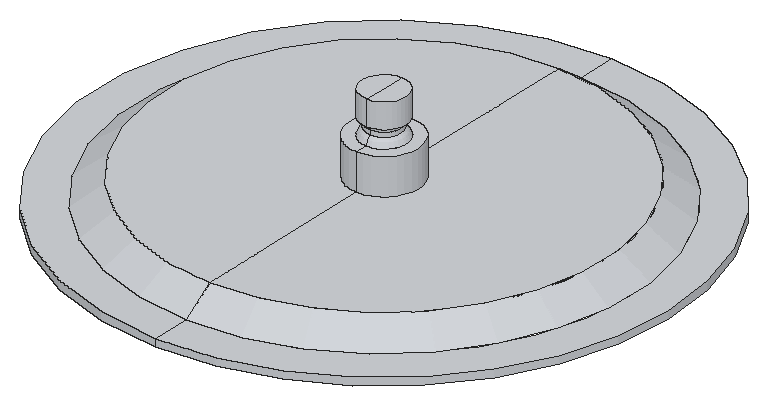
Revit family "BRG-GRF-DCH_ BRIGGS REG. RED. SLIM ABS CROMO 30 CM", category Aparatos sanitarios, Revit 2020
Family settings
  Cota de conector redondo = Diámetro de uso
  Tipo de pieza = Normal
  Número OmniClass = 23.45.00.00
  Título OmniClass = Sanitary, Laundry, and Cleaning Equipment
  Se basa en plano de trabajo = No
  Siempre vertical = Sí
  Corte con vacíos al cargar = No
  Compartido = Sí
  Punto de cálculo de habitación = Sí
Parameters (values of type "REGADERA REDONDA SLIM ABS 30 CM")
  _EDESA_ Sku/código = "SG0072673061CW"
  _EDESA_ Materiales = "Latón"
  _EDESA_ Garantía = "De por vida para el cuerpo principal y acabado en cromo (306)"
  _EDESA_ Cumple normativa ADA = ""
  _EDESA_ Contacto comercial = "(02) 395 2900"
  _EDESA_ Conexión hidráulica = "Entrada de agua: tubería ø 1/2\""
  _EDESA_ Certificación = "Cumple con norma NTE - INEN 3123 basada en la norma ASME 112.18.1 - 2012."
  _EDESA_ Productos necesarios para instalación = "Brazo de ducha"
  _EDESA_ Productos incluídos = ""
  _EDESA_ Color = "cromo"
  _EDESA_ Descripción = "Regadera de ducha."
  _EDESA_ Peso en kg = "1.8 kg"
  _EDESA_ Consumo/capacidad de agua en L = "9.5 litros por minuto / 2.5 gpm"
  _EDESA_ Distancia de instalación en cm (muro terminado) = "0"
  _EDESA_ Tipo de instalación = "Con brazo de ducha"
  _EDESA_ Profundidad en cm = "30"
  _EDESA_ Categoría = "Productos > Grifería > Ducha"
  _EDESA_ BIM Manager = "Arq. Milton Ruano"
  _EDESA_ Autor BIM = "www.bimplus.com.ec (bimplus.arquitectura.integrada@gmail.com)"
  _EDESA_ Ancho en cm = "30"
  _EDESA_ Alto en cm = "5.9"
  _EDESA_ Manual de Instalación = "https://www.briggs.com.ec/productos/instructivos/Briggs/Griferia/Regadera con brazo.pdf"
  _EDESA_ Nombre = "REGADERA REDONDA SLIM ABS 30 CM"
  _ALT_Eje instalación = 0.60 m
  _ALT_Basamento = 0.85 m
  URL = ""
  Modelo = "REGADERA REDONDA SLIM ABS 30 CM"
  Imagen de tipo = <Ninguno>
  Fabricante = "BRIGGS Ecuador"
  Elevación por defecto = 0.00 m
  Conexión de ventilación = yes
  Conexión de residuos = yes
  Conexión AF = yes
  Conexión AC = yes
Reference planes (m)
  plane 1 "Centro (Frontal/Posterior)": y = 0
  plane 2: z = 0
  plane 3 "Centro (Izquierda/Derecha)": x = 0
Dimensions and locks (m)
  aligned and locked: level to plane 2
  aligned and locked: plane 3 "Centro (Izquierda/Derecha)" to nested 1
  aligned and locked: plane 1 "Centro (Frontal/Posterior)" to nested 1
Nested families (m)
  nested 1: "REJILLA" at (0, 0, 0), type "REJILLA"
Connectors (m)
  piping at (0, 0, 0), diameter 0.0127
    settings: on nested 1, index 1, connector inside diameter 609.6 mm, connector length 0.00 m, flow factor 0, pipe flow 0.0 L/s, pressure drop 0.0 Pa, fitting loss kfactor 0, connector angle 0.00°, fixture units 0, engagement length 0.00 m, angle of deflection 0.00°, flow configuration 0, flow direction 1, fitting loss method 0, system type 7, joint type 0, gender type 0, connector reference index -1, connector utility 0, adjustable connector no, is connector primary yes, connector description ""
Definition of nested family "REJILLA"
  Parameters (values of type "REJILLA DE DISEÑO 60 X 8 CM CON TRAMPA")
    _EDESA_tipo genérico = "Inodoro"
    _EDESA_URL de ficha técnica = "https://edesa.com.ec/productos/fichastecnicaspdf/Edesa/Sanitarios/Andes.pdf"
    _EDESA_Imagen = 0
    _EDESA_Fábrica nacional = "EDESA Ecuador"
    _EDESA_Código de producto = "JS0022641301CE"
    _EDESA_ Tolerancia dimensional = "± 3% > 20 cm ± 5% < 20 cm"
    _EDESA_ Tipo de montaje / instalación = "30.5 cm"
    _EDESA_ Superficie del agua = "15.5 cm x 18.8 cm"
    _EDESA_ SKU = "JS0022641301CE"
    _EDESA_ Material secundario = "Plástico blanco"
    _EDESA_ Material principal = "Porcelana tono verde mist"
    _EDESA_ Altura = 72.80 m
    _EDESA_ Peso = "23.20 Kg"
    _EDESA_ Nivel mínimo del agua del tanque = "17.5 cm"
    _EDESA_ Largo = 67.50 m
    _EDESA_ Espesor mínimo = "0.6 cm"
    _EDESA_ Diámetro trampa = "4.8 cm"
    _EDESA_ Color = "Blanco"
    _EDESA_ Categoria = "Two pieces"
    _EDESA_ Capacidad / consumo de agua = "4.8 litros"
    _EDESA_ Ancho = 36.50 m
    _EDESA_ Altura de sello = "N/A"
    _ALT_Toma = 0.60 m
    _ALT_Meson = 0.85 m
    URL = "https://edesa.com.ec/productos/fichastecnicaspdf/Edesa/Sanitarios/Andes.pdf"
    Model = "_Edesa_ INODORO ANDES C/A BLANCO"
    Type Image = element 389295
    Manufacturer = "EDESA Ecuador"
    Default Elevation = 0.00 m
    Vent Connection = no
    Waste Connection = no
    CW Connection = no
    HW Connection = no
  Reference planes (m)
    plane 1 "Centro (Frontal/Posterior)": y = 0
    plane 2: z = 0
    plane 3 "Centro (Izquierda/Derecha)": x = 0
    plane 4 "_Alt_Altura de Meson": z = 0.85
    plane 5 "Centro I/E": z = 0.946565
    plane 6 "_RP_Eje": z = 0.6
  Forms (m)
    Revolve 1, solid
      sketch origin (0, 0, 0) x (0, 1, 0) y (0, 0, 1)
        loop
          line (0, -0.056) -> (0.15, -0.056) -> (0.15, -0.052) -> (0.13, -0.052) -> (0.115, -0.041) -> (0.018, -0.041) -> (0.018, -0.022) -> (0.011662, -0.022)
          arc (0.011662, -0.022) -> (0.01054, -0.01978) -> (0.009, -0.017825) r 0.0125
          line (0.009, -0.017825) -> (0.009, -0.0155)
          arc (0.009, -0.0155) -> (0.009732, -0.013732) -> (0.0115, -0.013) r 0.0025
          line (0.0115, -0.013) -> (0.0115, 0) -> (0, 0) -> (0, -0.056)
        axis (0, -0.056) -> (0, 0)
      angle from 0 to 360
    SweptBlend 2, solid
      path origin (0, 0.037116, 0) x (0, 1, 0) y (0, 0, 1)
        loop
          line (-0.110116, -0.059) -> (-0.110116, -0.056)
      profile origin (0, -0.073, -0.059) x (0, -1, 0) y (1, 0, 0)
        loop
          circle (0, 0) r 0.0015
      end profile origin (0, -0.073, -0.056) x (0, -1, 0) y (1, 0, 0)
        loop
          circle (0, 0) r 0.003
    SweptBlend 3, solid
      path origin (0, 0.017116, 0) x (0, 1, 0) y (0, 0, 1)
        loop
          line (-0.110116, -0.059) -> (-0.110116, -0.056)
      profile origin (0, -0.093, -0.059) x (0, -1, 0) y (1, 0, 0)
        loop
          circle (0, 0) r 0.0015
      end profile origin (0, -0.093, -0.056) x (0, -1, 0) y (1, 0, 0)
        loop
          circle (0, 0) r 0.003
    SweptBlend 4, solid
      path origin (0, -0.003884, 0) x (0, 1, 0) y (0, 0, 1)
        loop
          line (-0.110116, -0.059) -> (-0.110116, -0.056)
      profile origin (0, -0.114, -0.059) x (0, -1, 0) y (1, 0, 0)
        loop
          circle (0, 0) r 0.0015
      end profile origin (0, -0.114, -0.056) x (0, -1, 0) y (1, 0, 0)
        loop
          circle (0, 0) r 0.003
    SweptBlend 5, solid
      path origin (0, 0.058116, 0) x (0, 1, 0) y (0, 0, 1)
        loop
          line (-0.110116, -0.059) -> (-0.110116, -0.056)
      profile origin (0, -0.052, -0.059) x (0, -1, 0) y (1, 0, 0)
        loop
          circle (0, 0) r 0.0015
      end profile origin (0, -0.052, -0.056) x (0, -1, 0) y (1, 0, 0)
        loop
          circle (0, 0) r 0.003
    SweptBlend 6, solid
      path origin (0, 0.078116, 0) x (0, 1, 0) y (0, 0, 1)
        loop
          line (-0.110116, -0.059) -> (-0.110116, -0.056)
      profile origin (0, -0.032, -0.059) x (0, -1, 0) y (1, 0, 0)
        loop
          circle (0, 0) r 0.0015
      end profile origin (0, -0.032, -0.056) x (0, -1, 0) y (1, 0, 0)
        loop
          circle (0, 0) r 0.003
    SweptBlend 7, solid
      path origin (0, 0.097116, 0) x (0, 1, 0) y (0, 0, 1)
        loop
          line (-0.110116, -0.059) -> (-0.110116, -0.056)
      profile origin (0, -0.013, -0.059) x (0, -1, 0) y (1, 0, 0)
        loop
          circle (0, 0) r 0.0015
      end profile origin (0, -0.013, -0.056) x (0, -1, 0) y (1, 0, 0)
        loop
          circle (0, 0) r 0.003
    SweptBlend 8, solid
      path origin (-0.097116, 0, 0) x (-1, 0, 0) y (0, 0, 1)
        loop
          line (-0.110116, -0.059) -> (-0.110116, -0.056)
      profile origin (0.013, 0, -0.059) x (1, 0, 0) y (0, 1, 0)
        loop
          circle (0, 0) r 0.0015
      end profile origin (0.013, 0, -0.056) x (1, 0, 0) y (0, 1, 0)
        loop
          circle (0, 0) r 0.003
    SweptBlend 9, solid
      path origin (0.097116, 0, 0) x (1, 0, 0) y (0, 0, 1)
        loop
          line (-0.110116, -0.059) -> (-0.110116, -0.056)
      profile origin (-0.013, 0, -0.059) x (-1, 0, 0) y (0, -1, 0)
        loop
          circle (0, 0) r 0.0015
      end profile origin (-0.013, 0, -0.056) x (-1, 0, 0) y (0, -1, 0)
        loop
          circle (0, 0) r 0.003
    SweptBlend 10, solid
      path origin (0, -0.097116, 0) x (0, -1, 0) y (0, 0, 1)
        loop
          line (-0.110116, -0.059) -> (-0.110116, -0.056)
      profile origin (0, 0.013, -0.059) x (0, 1, 0) y (-1, 0, 0)
        loop
          circle (0, 0) r 0.0015
      end profile origin (0, 0.013, -0.056) x (0, 1, 0) y (-1, 0, 0)
        loop
          circle (0, 0) r 0.003
    SweptBlend 11, solid
      path origin (-0.039058, 0.06765, 0) x (-0.5, 0.866025, 0) y (0, 0, 1)
        loop
          line (-0.110116, -0.059) -> (-0.110116, -0.056)
      profile origin (0.016, -0.027713, -0.059) x (0.5, -0.866025, 0) y (0.866025, 0.5, 0)
        loop
          circle (0, 0) r 0.0015
      end profile origin (0.016, -0.027713, -0.056) x (0.5, -0.866025, 0) y (0.866025, 0.5, 0)
        loop
          circle (0, 0) r 0.003
    SweptBlend 12, solid
      path origin (0.039058, 0.06765, 0) x (0.5, 0.866025, 0) y (0, 0, 1)
        loop
          line (-0.110116, -0.059) -> (-0.110116, -0.056)
      profile origin (-0.016, -0.027713, -0.059) x (-0.5, -0.866025, 0) y (0.866025, -0.5, 0)
        loop
          circle (0, 0) r 0.0015
      end profile origin (-0.016, -0.027713, -0.056) x (-0.5, -0.866025, 0) y (0.866025, -0.5, 0)
        loop
          circle (0, 0) r 0.003
    SweptBlend 13, solid
      path origin (0.06765, 0.039058, 0) x (0.866025, 0.5, 0) y (0, 0, 1)
        loop
          line (-0.110116, -0.059) -> (-0.110116, -0.056)
      profile origin (-0.027713, -0.016, -0.059) x (-0.866025, -0.5, 0) y (0.5, -0.866025, 0)
        loop
          circle (0, 0) r 0.0015
      end profile origin (-0.027713, -0.016, -0.056) x (-0.866025, -0.5, 0) y (0.5, -0.866025, 0)
        loop
          circle (0, 0) r 0.003
    SweptBlend 14, solid
      path origin (0.078116, 0, 0) x (1, 0, 0) y (0, 0, 1)
        loop
          line (-0.110116, -0.059) -> (-0.110116, -0.056)
      profile origin (-0.032, 0, -0.059) x (-1, 0, 0) y (0, -1, 0)
        loop
          circle (0, 0) r 0.0015
      end profile origin (-0.032, 0, -0.056) x (-1, 0, 0) y (0, -1, 0)
        loop
          circle (0, 0) r 0.003
    SweptBlend 15, solid
      path origin (0.06765, -0.039058, 0) x (0.866025, -0.5, 0) y (0, 0, 1)
        loop
          line (-0.110116, -0.059) -> (-0.110116, -0.056)
      profile origin (-0.027713, 0.016, -0.059) x (-0.866025, 0.5, 0) y (-0.5, -0.866025, 0)
        loop
          circle (0, 0) r 0.0015
      end profile origin (-0.027713, 0.016, -0.056) x (-0.866025, 0.5, 0) y (-0.5, -0.866025, 0)
        loop
          circle (0, 0) r 0.003
    SweptBlend 16, solid
      path origin (0.039058, -0.06765, 0) x (0.5, -0.866025, 0) y (0, 0, 1)
        loop
          line (-0.110116, -0.059) -> (-0.110116, -0.056)
      profile origin (-0.016, 0.027713, -0.059) x (-0.5, 0.866025, 0) y (-0.866025, -0.5, 0)
        loop
          circle (0, 0) r 0.0015
      end profile origin (-0.016, 0.027713, -0.056) x (-0.5, 0.866025, 0) y (-0.866025, -0.5, 0)
        loop
          circle (0, 0) r 0.003
    SweptBlend 17, solid
      path origin (0, -0.078116, 0) x (0, -1, 0) y (0, 0, 1)
        loop
          line (-0.110116, -0.059) -> (-0.110116, -0.056)
      profile origin (0, 0.032, -0.059) x (0, 1, 0) y (-1, 0, 0)
        loop
          circle (0, 0) r 0.0015
      end profile origin (0, 0.032, -0.056) x (0, 1, 0) y (-1, 0, 0)
        loop
          circle (0, 0) r 0.003
    SweptBlend 18, solid
      path origin (-0.039058, -0.06765, 0) x (-0.5, -0.866025, 0) y (0, 0, 1)
        loop
          line (-0.110116, -0.059) -> (-0.110116, -0.056)
      profile origin (0.016, 0.027713, -0.059) x (0.5, 0.866025, 0) y (-0.866025, 0.5, 0)
        loop
          circle (0, 0) r 0.0015
      end profile origin (0.016, 0.027713, -0.056) x (0.5, 0.866025, 0) y (-0.866025, 0.5, 0)
        loop
          circle (0, 0) r 0.003
    SweptBlend 19, solid
      path origin (-0.06765, -0.039058, 0) x (-0.866025, -0.5, 0) y (0, 0, 1)
        loop
          line (-0.110116, -0.059) -> (-0.110116, -0.056)
      profile origin (0.027713, 0.016, -0.059) x (0.866025, 0.5, 0) y (-0.5, 0.866025, 0)
        loop
          circle (0, 0) r 0.0015
      end profile origin (0.027713, 0.016, -0.056) x (0.866025, 0.5, 0) y (-0.5, 0.866025, 0)
        loop
          circle (0, 0) r 0.003
    SweptBlend 20, solid
      path origin (-0.078116, 0, 0) x (-1, 0, 0) y (0, 0, 1)
        loop
          line (-0.110116, -0.059) -> (-0.110116, -0.056)
      profile origin (0.032, 0, -0.059) x (1, 0, 0) y (0, 1, 0)
        loop
          circle (0, 0) r 0.0015
      end profile origin (0.032, 0, -0.056) x (1, 0, 0) y (0, 1, 0)
        loop
          circle (0, 0) r 0.003
    SweptBlend 21, solid
      path origin (-0.06765, 0.039058, 0) x (-0.866025, 0.5, 0) y (0, 0, 1)
        loop
          line (-0.110116, -0.059) -> (-0.110116, -0.056)
      profile origin (0.027713, -0.016, -0.059) x (0.866025, -0.5, 0) y (0.5, 0.866025, 0)
        loop
          circle (0, 0) r 0.0015
      end profile origin (0.027713, -0.016, -0.056) x (0.866025, -0.5, 0) y (0.5, 0.866025, 0)
        loop
          circle (0, 0) r 0.003
    SweptBlend 22, solid
      path origin (-0.02224, 0.053692, 0) x (-0.382683, 0.92388, 0) y (0, 0, 1)
        loop
          line (-0.110116, -0.059) -> (-0.110116, -0.056)
      profile origin (0.0199, -0.048042, -0.059) x (0.382683, -0.92388, 0) y (0.92388, 0.382683, 0)
        loop
          circle (0, 0) r 0.0015
      end profile origin (0.0199, -0.048042, -0.056) x (0.382683, -0.92388, 0) y (0.92388, 0.382683, 0)
        loop
          circle (0, 0) r 0.003
    SweptBlend 23, solid
      path origin (0.02224, 0.053692, 0) x (0.382683, 0.92388, 0) y (0, 0, 1)
        loop
          line (-0.110116, -0.059) -> (-0.110116, -0.056)
      profile origin (-0.0199, -0.048042, -0.059) x (-0.382683, -0.92388, 0) y (0.92388, -0.382683, 0)
        loop
          circle (0, 0) r 0.0015
      end profile origin (-0.0199, -0.048042, -0.056) x (-0.382683, -0.92388, 0) y (0.92388, -0.382683, 0)
        loop
          circle (0, 0) r 0.003
    SweptBlend 24, solid
      path origin (0.041094, 0.041094, 0) x (0.707107, 0.707107, 0) y (0, 0, 1)
        loop
          line (-0.110116, -0.059) -> (-0.110116, -0.056)
      profile origin (-0.03677, -0.03677, -0.059) x (-0.707107, -0.707107, 0) y (0.707107, -0.707107, 0)
        loop
          circle (0, 0) r 0.0015
      end profile origin (-0.03677, -0.03677, -0.056) x (-0.707107, -0.707107, 0) y (0.707107, -0.707107, 0)
        loop
          circle (0, 0) r 0.003
    SweptBlend 25, solid
      path origin (0.053692, 0.02224, 0) x (0.92388, 0.382683, 0) y (0, 0, 1)
        loop
          line (-0.110116, -0.059) -> (-0.110116, -0.056)
      profile origin (-0.048042, -0.0199, -0.059) x (-0.92388, -0.382683, 0) y (0.382683, -0.92388, 0)
        loop
          circle (0, 0) r 0.0015
      end profile origin (-0.048042, -0.0199, -0.056) x (-0.92388, -0.382683, 0) y (0.382683, -0.92388, 0)
        loop
          circle (0, 0) r 0.003
    SweptBlend 26, solid
      path origin (0.058116, 0, 0) x (1, 0, 0) y (0, 0, 1)
        loop
          line (-0.110116, -0.059) -> (-0.110116, -0.056)
      profile origin (-0.052, 0, -0.059) x (-1, 0, 0) y (0, -1, 0)
        loop
          circle (0, 0) r 0.0015
      end profile origin (-0.052, 0, -0.056) x (-1, 0, 0) y (0, -1, 0)
        loop
          circle (0, 0) r 0.003
    SweptBlend 27, solid
      path origin (0.053692, -0.02224, 0) x (0.92388, -0.382683, 0) y (0, 0, 1)
        loop
          line (-0.110116, -0.059) -> (-0.110116, -0.056)
      profile origin (-0.048042, 0.0199, -0.059) x (-0.92388, 0.382683, 0) y (-0.382683, -0.92388, 0)
        loop
          circle (0, 0) r 0.0015
      end profile origin (-0.048042, 0.0199, -0.056) x (-0.92388, 0.382683, 0) y (-0.382683, -0.92388, 0)
        loop
          circle (0, 0) r 0.003
    SweptBlend 28, solid
      path origin (0.041094, -0.041094, 0) x (0.707107, -0.707107, 0) y (0, 0, 1)
        loop
          line (-0.110116, -0.059) -> (-0.110116, -0.056)
      profile origin (-0.03677, 0.03677, -0.059) x (-0.707107, 0.707107, 0) y (-0.707107, -0.707107, 0)
        loop
          circle (0, 0) r 0.0015
      end profile origin (-0.03677, 0.03677, -0.056) x (-0.707107, 0.707107, 0) y (-0.707107, -0.707107, 0)
        loop
          circle (0, 0) r 0.003
    SweptBlend 29, solid
      path origin (0.02224, -0.053692, 0) x (0.382683, -0.92388, 0) y (0, 0, 1)
        loop
          line (-0.110116, -0.059) -> (-0.110116, -0.056)
      profile origin (-0.0199, 0.048042, -0.059) x (-0.382683, 0.92388, 0) y (-0.92388, -0.382683, 0)
        loop
          circle (0, 0) r 0.0015
      end profile origin (-0.0199, 0.048042, -0.056) x (-0.382683, 0.92388, 0) y (-0.92388, -0.382683, 0)
        loop
          circle (0, 0) r 0.003
    SweptBlend 30, solid
      path origin (0, -0.058116, 0) x (0, -1, 0) y (0, 0, 1)
        loop
          line (-0.110116, -0.059) -> (-0.110116, -0.056)
      profile origin (0, 0.052, -0.059) x (0, 1, 0) y (-1, 0, 0)
        loop
          circle (0, 0) r 0.0015
      end profile origin (0, 0.052, -0.056) x (0, 1, 0) y (-1, 0, 0)
        loop
          circle (0, 0) r 0.003
    SweptBlend 31, solid
      path origin (-0.02224, -0.053692, 0) x (-0.382683, -0.92388, 0) y (0, 0, 1)
        loop
          line (-0.110116, -0.059) -> (-0.110116, -0.056)
      profile origin (0.0199, 0.048042, -0.059) x (0.382683, 0.92388, 0) y (-0.92388, 0.382683, 0)
        loop
          circle (0, 0) r 0.0015
      end profile origin (0.0199, 0.048042, -0.056) x (0.382683, 0.92388, 0) y (-0.92388, 0.382683, 0)
        loop
          circle (0, 0) r 0.003
    SweptBlend 32, solid
      path origin (-0.041094, -0.041094, 0) x (-0.707107, -0.707107, 0) y (0, 0, 1)
        loop
          line (-0.110116, -0.059) -> (-0.110116, -0.056)
      profile origin (0.03677, 0.03677, -0.059) x (0.707107, 0.707107, 0) y (-0.707107, 0.707107, 0)
        loop
          circle (0, 0) r 0.0015
      end profile origin (0.03677, 0.03677, -0.056) x (0.707107, 0.707107, 0) y (-0.707107, 0.707107, 0)
        loop
          circle (0, 0) r 0.003
    SweptBlend 33, solid
      path origin (-0.053692, -0.02224, 0) x (-0.92388, -0.382683, 0) y (0, 0, 1)
        loop
          line (-0.110116, -0.059) -> (-0.110116, -0.056)
      profile origin (0.048042, 0.0199, -0.059) x (0.92388, 0.382683, 0) y (-0.382683, 0.92388, 0)
        loop
          circle (0, 0) r 0.0015
      end profile origin (0.048042, 0.0199, -0.056) x (0.92388, 0.382683, 0) y (-0.382683, 0.92388, 0)
        loop
          circle (0, 0) r 0.003
    SweptBlend 34, solid
      path origin (-0.058116, 0, 0) x (-1, 0, 0) y (0, 0, 1)
        loop
          line (-0.110116, -0.059) -> (-0.110116, -0.056)
      profile origin (0.052, 0, -0.059) x (1, 0, 0) y (0, 1, 0)
        loop
          circle (0, 0) r 0.0015
      end profile origin (0.052, 0, -0.056) x (1, 0, 0) y (0, 1, 0)
        loop
          circle (0, 0) r 0.003
    SweptBlend 35, solid
      path origin (-0.053692, 0.02224, 0) x (-0.92388, 0.382683, 0) y (0, 0, 1)
        loop
          line (-0.110116, -0.059) -> (-0.110116, -0.056)
      profile origin (0.048042, -0.0199, -0.059) x (0.92388, -0.382683, 0) y (0.382683, 0.92388, 0)
        loop
          circle (0, 0) r 0.0015
      end profile origin (0.048042, -0.0199, -0.056) x (0.92388, -0.382683, 0) y (0.382683, 0.92388, 0)
        loop
          circle (0, 0) r 0.003
    SweptBlend 36, solid
      path origin (-0.041094, 0.041094, 0) x (-0.707107, 0.707107, 0) y (0, 0, 1)
        loop
          line (-0.110116, -0.059) -> (-0.110116, -0.056)
      profile origin (0.03677, -0.03677, -0.059) x (0.707107, -0.707107, 0) y (0.707107, 0.707107, 0)
        loop
          circle (0, 0) r 0.0015
      end profile origin (0.03677, -0.03677, -0.056) x (0.707107, -0.707107, 0) y (0.707107, 0.707107, 0)
        loop
          circle (0, 0) r 0.003
    SweptBlend 37, solid
      path origin (-0.009606, 0.035851, 0) x (-0.258819, 0.965926, 0) y (0, 0, 1)
        loop
          line (-0.110116, -0.059) -> (-0.110116, -0.056)
      profile origin (0.018894, -0.070513, -0.059) x (0.258819, -0.965926, 0) y (0.965926, 0.258819, 0)
        loop
          circle (0, 0) r 0.0015
      end profile origin (0.018894, -0.070513, -0.056) x (0.258819, -0.965926, 0) y (0.965926, 0.258819, 0)
        loop
          circle (0, 0) r 0.003
    SweptBlend 38, solid
      path origin (0.009606, 0.035851, 0) x (0.258819, 0.965926, 0) y (0, 0, 1)
        loop
          line (-0.110116, -0.059) -> (-0.110116, -0.056)
      profile origin (-0.018894, -0.070513, -0.059) x (-0.258819, -0.965926, 0) y (0.965926, -0.258819, 0)
        loop
          circle (0, 0) r 0.0015
      end profile origin (-0.018894, -0.070513, -0.056) x (-0.258819, -0.965926, 0) y (0.965926, -0.258819, 0)
        loop
          circle (0, 0) r 0.003
    SweptBlend 39, solid
      path origin (0.018558, 0.032143, 0) x (0.5, 0.866025, 0) y (0, 0, 1)
        loop
          line (-0.110116, -0.059) -> (-0.110116, -0.056)
      profile origin (-0.0365, -0.06322, -0.059) x (-0.5, -0.866025, 0) y (0.866025, -0.5, 0)
        loop
          circle (0, 0) r 0.0015
      end profile origin (-0.0365, -0.06322, -0.056) x (-0.5, -0.866025, 0) y (0.866025, -0.5, 0)
        loop
          circle (0, 0) r 0.003
    SweptBlend 40, solid
      path origin (0.026245, 0.026245, 0) x (0.707107, 0.707107, 0) y (0, 0, 1)
        loop
          line (-0.110116, -0.059) -> (-0.110116, -0.056)
      profile origin (-0.051619, -0.051619, -0.059) x (-0.707107, -0.707107, 0) y (0.707107, -0.707107, 0)
        loop
          circle (0, 0) r 0.0015
      end profile origin (-0.051619, -0.051619, -0.056) x (-0.707107, -0.707107, 0) y (0.707107, -0.707107, 0)
        loop
          circle (0, 0) r 0.003
    SweptBlend 41, solid
      path origin (0.032143, 0.018558, 0) x (0.866025, 0.5, 0) y (0, 0, 1)
        loop
          line (-0.110116, -0.059) -> (-0.110116, -0.056)
      profile origin (-0.06322, -0.0365, -0.059) x (-0.866025, -0.5, 0) y (0.5, -0.866025, 0)
        loop
          circle (0, 0) r 0.0015
      end profile origin (-0.06322, -0.0365, -0.056) x (-0.866025, -0.5, 0) y (0.5, -0.866025, 0)
        loop
          circle (0, 0) r 0.003
    SweptBlend 42, solid
      path origin (0.035851, 0.009606, 0) x (0.965926, 0.258819, 0) y (0, 0, 1)
        loop
          line (-0.110116, -0.059) -> (-0.110116, -0.056)
      profile origin (-0.070513, -0.018894, -0.059) x (-0.965926, -0.258819, 0) y (0.258819, -0.965926, 0)
        loop
          circle (0, 0) r 0.0015
      end profile origin (-0.070513, -0.018894, -0.056) x (-0.965926, -0.258819, 0) y (0.258819, -0.965926, 0)
        loop
          circle (0, 0) r 0.003
    SweptBlend 43, solid
      path origin (0.037116, 0, 0) x (1, 0, 0) y (0, 0, 1)
        loop
          line (-0.110116, -0.059) -> (-0.110116, -0.056)
      profile origin (-0.073, 0, -0.059) x (-1, 0, 0) y (0, -1, 0)
        loop
          circle (0, 0) r 0.0015
      end profile origin (-0.073, 0, -0.056) x (-1, 0, 0) y (0, -1, 0)
        loop
          circle (0, 0) r 0.003
    SweptBlend 44, solid
      path origin (0.035851, -0.009606, 0) x (0.965926, -0.258819, 0) y (0, 0, 1)
        loop
          line (-0.110116, -0.059) -> (-0.110116, -0.056)
      profile origin (-0.070513, 0.018894, -0.059) x (-0.965926, 0.258819, 0) y (-0.258819, -0.965926, 0)
        loop
          circle (0, 0) r 0.0015
      end profile origin (-0.070513, 0.018894, -0.056) x (-0.965926, 0.258819, 0) y (-0.258819, -0.965926, 0)
        loop
          circle (0, 0) r 0.003
    SweptBlend 45, solid
      path origin (0.032143, -0.018558, 0) x (0.866025, -0.5, 0) y (0, 0, 1)
        loop
          line (-0.110116, -0.059) -> (-0.110116, -0.056)
      profile origin (-0.06322, 0.0365, -0.059) x (-0.866025, 0.5, 0) y (-0.5, -0.866025, 0)
        loop
          circle (0, 0) r 0.0015
      end profile origin (-0.06322, 0.0365, -0.056) x (-0.866025, 0.5, 0) y (-0.5, -0.866025, 0)
        loop
          circle (0, 0) r 0.003
    SweptBlend 46, solid
      path origin (0.026245, -0.026245, 0) x (0.707107, -0.707107, 0) y (0, 0, 1)
        loop
          line (-0.110116, -0.059) -> (-0.110116, -0.056)
      profile origin (-0.051619, 0.051619, -0.059) x (-0.707107, 0.707107, 0) y (-0.707107, -0.707107, 0)
        loop
          circle (0, 0) r 0.0015
      end profile origin (-0.051619, 0.051619, -0.056) x (-0.707107, 0.707107, 0) y (-0.707107, -0.707107, 0)
        loop
          circle (0, 0) r 0.003
    SweptBlend 47, solid
      path origin (0.018558, -0.032143, 0) x (0.5, -0.866025, 0) y (0, 0, 1)
        loop
          line (-0.110116, -0.059) -> (-0.110116, -0.056)
      profile origin (-0.0365, 0.06322, -0.059) x (-0.5, 0.866025, 0) y (-0.866025, -0.5, 0)
        loop
          circle (0, 0) r 0.0015
      end profile origin (-0.0365, 0.06322, -0.056) x (-0.5, 0.866025, 0) y (-0.866025, -0.5, 0)
        loop
          circle (0, 0) r 0.003
    SweptBlend 48, solid
      path origin (0.009606, -0.035851, 0) x (0.258819, -0.965926, 0) y (0, 0, 1)
        loop
          line (-0.110116, -0.059) -> (-0.110116, -0.056)
      profile origin (-0.018894, 0.070513, -0.059) x (-0.258819, 0.965926, 0) y (-0.965926, -0.258819, 0)
        loop
          circle (0, 0) r 0.0015
      end profile origin (-0.018894, 0.070513, -0.056) x (-0.258819, 0.965926, 0) y (-0.965926, -0.258819, 0)
        loop
          circle (0, 0) r 0.003
    SweptBlend 49, solid
      path origin (0, -0.037116, 0) x (0, -1, 0) y (0, 0, 1)
        loop
          line (-0.110116, -0.059) -> (-0.110116, -0.056)
      profile origin (0, 0.073, -0.059) x (0, 1, 0) y (-1, 0, 0)
        loop
          circle (0, 0) r 0.0015
      end profile origin (0, 0.073, -0.056) x (0, 1, 0) y (-1, 0, 0)
        loop
          circle (0, 0) r 0.003
    SweptBlend 50, solid
      path origin (-0.009606, -0.035851, 0) x (-0.258819, -0.965926, 0) y (0, 0, 1)
        loop
          line (-0.110116, -0.059) -> (-0.110116, -0.056)
      profile origin (0.018894, 0.070513, -0.059) x (0.258819, 0.965926, 0) y (-0.965926, 0.258819, 0)
        loop
          circle (0, 0) r 0.0015
      end profile origin (0.018894, 0.070513, -0.056) x (0.258819, 0.965926, 0) y (-0.965926, 0.258819, 0)
        loop
          circle (0, 0) r 0.003
    SweptBlend 51, solid
      path origin (-0.018558, -0.032143, 0) x (-0.5, -0.866025, 0) y (0, 0, 1)
        loop
          line (-0.110116, -0.059) -> (-0.110116, -0.056)
      profile origin (0.0365, 0.06322, -0.059) x (0.5, 0.866025, 0) y (-0.866025, 0.5, 0)
        loop
          circle (0, 0) r 0.0015
      end profile origin (0.0365, 0.06322, -0.056) x (0.5, 0.866025, 0) y (-0.866025, 0.5, 0)
        loop
          circle (0, 0) r 0.003
    SweptBlend 52, solid
      path origin (-0.026245, -0.026245, 0) x (-0.707107, -0.707107, 0) y (0, 0, 1)
        loop
          line (-0.110116, -0.059) -> (-0.110116, -0.056)
      profile origin (0.051619, 0.051619, -0.059) x (0.707107, 0.707107, 0) y (-0.707107, 0.707107, 0)
        loop
          circle (0, 0) r 0.0015
      end profile origin (0.051619, 0.051619, -0.056) x (0.707107, 0.707107, 0) y (-0.707107, 0.707107, 0)
        loop
          circle (0, 0) r 0.003
    SweptBlend 53, solid
      path origin (-0.032143, -0.018558, 0) x (-0.866025, -0.5, 0) y (0, 0, 1)
        loop
          line (-0.110116, -0.059) -> (-0.110116, -0.056)
      profile origin (0.06322, 0.0365, -0.059) x (0.866025, 0.5, 0) y (-0.5, 0.866025, 0)
        loop
          circle (0, 0) r 0.0015
      end profile origin (0.06322, 0.0365, -0.056) x (0.866025, 0.5, 0) y (-0.5, 0.866025, 0)
        loop
          circle (0, 0) r 0.003
    SweptBlend 54, solid
      path origin (-0.035851, -0.009606, 0) x (-0.965926, -0.258819, 0) y (0, 0, 1)
        loop
          line (-0.110116, -0.059) -> (-0.110116, -0.056)
      profile origin (0.070513, 0.018894, -0.059) x (0.965926, 0.258819, 0) y (-0.258819, 0.965926, 0)
        loop
          circle (0, 0) r 0.0015
      end profile origin (0.070513, 0.018894, -0.056) x (0.965926, 0.258819, 0) y (-0.258819, 0.965926, 0)
        loop
          circle (0, 0) r 0.003
    SweptBlend 55, solid
      path origin (-0.037116, 0, 0) x (-1, 0, 0) y (0, 0, 1)
        loop
          line (-0.110116, -0.059) -> (-0.110116, -0.056)
      profile origin (0.073, 0, -0.059) x (1, 0, 0) y (0, 1, 0)
        loop
          circle (0, 0) r 0.0015
      end profile origin (0.073, 0, -0.056) x (1, 0, 0) y (0, 1, 0)
        loop
          circle (0, 0) r 0.003
    SweptBlend 56, solid
      path origin (-0.035851, 0.009606, 0) x (-0.965926, 0.258819, 0) y (0, 0, 1)
        loop
          line (-0.110116, -0.059) -> (-0.110116, -0.056)
      profile origin (0.070513, -0.018894, -0.059) x (0.965926, -0.258819, 0) y (0.258819, 0.965926, 0)
        loop
          circle (0, 0) r 0.0015
      end profile origin (0.070513, -0.018894, -0.056) x (0.965926, -0.258819, 0) y (0.258819, 0.965926, 0)
        loop
          circle (0, 0) r 0.003
    SweptBlend 57, solid
      path origin (-0.032143, 0.018558, 0) x (-0.866025, 0.5, 0) y (0, 0, 1)
        loop
          line (-0.110116, -0.059) -> (-0.110116, -0.056)
      profile origin (0.06322, -0.0365, -0.059) x (0.866025, -0.5, 0) y (0.5, 0.866025, 0)
        loop
          circle (0, 0) r 0.0015
      end profile origin (0.06322, -0.0365, -0.056) x (0.866025, -0.5, 0) y (0.5, 0.866025, 0)
        loop
          circle (0, 0) r 0.003
    SweptBlend 58, solid
      path origin (-0.026245, 0.026245, 0) x (-0.707107, 0.707107, 0) y (0, 0, 1)
        loop
          line (-0.110116, -0.059) -> (-0.110116, -0.056)
      profile origin (0.051619, -0.051619, -0.059) x (0.707107, -0.707107, 0) y (0.707107, 0.707107, 0)
        loop
          circle (0, 0) r 0.0015
      end profile origin (0.051619, -0.051619, -0.056) x (0.707107, -0.707107, 0) y (0.707107, 0.707107, 0)
        loop
          circle (0, 0) r 0.003
    SweptBlend 59, solid
      path origin (-0.018558, 0.032143, 0) x (-0.5, 0.866025, 0) y (0, 0, 1)
        loop
          line (-0.110116, -0.059) -> (-0.110116, -0.056)
      profile origin (0.0365, -0.06322, -0.059) x (0.5, -0.866025, 0) y (0.866025, 0.5, 0)
        loop
          circle (0, 0) r 0.0015
      end profile origin (0.0365, -0.06322, -0.056) x (0.5, -0.866025, 0) y (0.866025, 0.5, 0)
        loop
          circle (0, 0) r 0.003
    SweptBlend 60, solid
      path origin (-0.00443, 0.016532, 0) x (-0.258819, 0.965926, 0) y (0, 0, 1)
        loop
          line (-0.110116, -0.059) -> (-0.110116, -0.056)
      profile origin (0.02407, -0.089831, -0.059) x (0.258819, -0.965926, 0) y (0.965926, 0.258819, 0)
        loop
          circle (0, 0) r 0.0015
      end profile origin (0.02407, -0.089831, -0.056) x (0.258819, -0.965926, 0) y (0.965926, 0.258819, 0)
        loop
          circle (0, 0) r 0.003
    SweptBlend 61, solid
      path origin (0.00443, 0.016532, 0) x (0.258819, 0.965926, 0) y (0, 0, 1)
        loop
          line (-0.110116, -0.059) -> (-0.110116, -0.056)
      profile origin (-0.02407, -0.089831, -0.059) x (-0.258819, -0.965926, 0) y (0.965926, -0.258819, 0)
        loop
          circle (0, 0) r 0.0015
      end profile origin (-0.02407, -0.089831, -0.056) x (-0.258819, -0.965926, 0) y (0.965926, -0.258819, 0)
        loop
          circle (0, 0) r 0.003
    SweptBlend 62, solid
      path origin (0.008558, 0.014822, 0) x (0.5, 0.866025, 0) y (0, 0, 1)
        loop
          line (-0.110116, -0.059) -> (-0.110116, -0.056)
      profile origin (-0.0465, -0.08054, -0.059) x (-0.5, -0.866025, 0) y (0.866025, -0.5, 0)
        loop
          circle (0, 0) r 0.0015
      end profile origin (-0.0465, -0.08054, -0.056) x (-0.5, -0.866025, 0) y (0.866025, -0.5, 0)
        loop
          circle (0, 0) r 0.003
    SweptBlend 63, solid
      path origin (0.012103, 0.012103, 0) x (0.707107, 0.707107, 0) y (0, 0, 1)
        loop
          line (-0.110116, -0.059) -> (-0.110116, -0.056)
      profile origin (-0.065761, -0.065761, -0.059) x (-0.707107, -0.707107, 0) y (0.707107, -0.707107, 0)
        loop
          circle (0, 0) r 0.0015
      end profile origin (-0.065761, -0.065761, -0.056) x (-0.707107, -0.707107, 0) y (0.707107, -0.707107, 0)
        loop
          circle (0, 0) r 0.003
    SweptBlend 64, solid
      path origin (0.014822, 0.008558, 0) x (0.866025, 0.5, 0) y (0, 0, 1)
        loop
          line (-0.110116, -0.059) -> (-0.110116, -0.056)
      profile origin (-0.08054, -0.0465, -0.059) x (-0.866025, -0.5, 0) y (0.5, -0.866025, 0)
        loop
          circle (0, 0) r 0.0015
      end profile origin (-0.08054, -0.0465, -0.056) x (-0.866025, -0.5, 0) y (0.5, -0.866025, 0)
        loop
          circle (0, 0) r 0.003
    SweptBlend 65, solid
      path origin (0.016532, 0.00443, 0) x (0.965926, 0.258819, 0) y (0, 0, 1)
        loop
          line (-0.110116, -0.059) -> (-0.110116, -0.056)
      profile origin (-0.089831, -0.02407, -0.059) x (-0.965926, -0.258819, 0) y (0.258819, -0.965926, 0)
        loop
          circle (0, 0) r 0.0015
      end profile origin (-0.089831, -0.02407, -0.056) x (-0.965926, -0.258819, 0) y (0.258819, -0.965926, 0)
        loop
          circle (0, 0) r 0.003
    SweptBlend 66, solid
      path origin (0.017116, 0, 0) x (1, 0, 0) y (0, 0, 1)
        loop
          line (-0.110116, -0.059) -> (-0.110116, -0.056)
      profile origin (-0.093, 0, -0.059) x (-1, 0, 0) y (0, -1, 0)
        loop
          circle (0, 0) r 0.0015
      end profile origin (-0.093, 0, -0.056) x (-1, 0, 0) y (0, -1, 0)
        loop
          circle (0, 0) r 0.003
    SweptBlend 67, solid
      path origin (0.016532, -0.00443, 0) x (0.965926, -0.258819, 0) y (0, 0, 1)
        loop
          line (-0.110116, -0.059) -> (-0.110116, -0.056)
      profile origin (-0.089831, 0.02407, -0.059) x (-0.965926, 0.258819, 0) y (-0.258819, -0.965926, 0)
        loop
          circle (0, 0) r 0.0015
      end profile origin (-0.089831, 0.02407, -0.056) x (-0.965926, 0.258819, 0) y (-0.258819, -0.965926, 0)
        loop
          circle (0, 0) r 0.003
    SweptBlend 68, solid
      path origin (0.014822, -0.008558, 0) x (0.866025, -0.5, 0) y (0, 0, 1)
        loop
          line (-0.110116, -0.059) -> (-0.110116, -0.056)
      profile origin (-0.08054, 0.0465, -0.059) x (-0.866025, 0.5, 0) y (-0.5, -0.866025, 0)
        loop
          circle (0, 0) r 0.0015
      end profile origin (-0.08054, 0.0465, -0.056) x (-0.866025, 0.5, 0) y (-0.5, -0.866025, 0)
        loop
          circle (0, 0) r 0.003
    SweptBlend 69, solid
      path origin (0.012103, -0.012103, 0) x (0.707107, -0.707107, 0) y (0, 0, 1)
        loop
          line (-0.110116, -0.059) -> (-0.110116, -0.056)
      profile origin (-0.065761, 0.065761, -0.059) x (-0.707107, 0.707107, 0) y (-0.707107, -0.707107, 0)
        loop
          circle (0, 0) r 0.0015
      end profile origin (-0.065761, 0.065761, -0.056) x (-0.707107, 0.707107, 0) y (-0.707107, -0.707107, 0)
        loop
          circle (0, 0) r 0.003
    SweptBlend 70, solid
      path origin (0.008558, -0.014822, 0) x (0.5, -0.866025, 0) y (0, 0, 1)
        loop
          line (-0.110116, -0.059) -> (-0.110116, -0.056)
      profile origin (-0.0465, 0.08054, -0.059) x (-0.5, 0.866025, 0) y (-0.866025, -0.5, 0)
        loop
          circle (0, 0) r 0.0015
      end profile origin (-0.0465, 0.08054, -0.056) x (-0.5, 0.866025, 0) y (-0.866025, -0.5, 0)
        loop
          circle (0, 0) r 0.003
    SweptBlend 71, solid
      path origin (0.00443, -0.016532, 0) x (0.258819, -0.965926, 0) y (0, 0, 1)
        loop
          line (-0.110116, -0.059) -> (-0.110116, -0.056)
      profile origin (-0.02407, 0.089831, -0.059) x (-0.258819, 0.965926, 0) y (-0.965926, -0.258819, 0)
        loop
          circle (0, 0) r 0.0015
      end profile origin (-0.02407, 0.089831, -0.056) x (-0.258819, 0.965926, 0) y (-0.965926, -0.258819, 0)
        loop
          circle (0, 0) r 0.003
    SweptBlend 72, solid
      path origin (0, -0.017116, 0) x (0, -1, 0) y (0, 0, 1)
        loop
          line (-0.110116, -0.059) -> (-0.110116, -0.056)
      profile origin (0, 0.093, -0.059) x (0, 1, 0) y (-1, 0, 0)
        loop
          circle (0, 0) r 0.0015
      end profile origin (0, 0.093, -0.056) x (0, 1, 0) y (-1, 0, 0)
        loop
          circle (0, 0) r 0.003
    SweptBlend 73, solid
      path origin (-0.00443, -0.016532, 0) x (-0.258819, -0.965926, 0) y (0, 0, 1)
        loop
          line (-0.110116, -0.059) -> (-0.110116, -0.056)
      profile origin (0.02407, 0.089831, -0.059) x (0.258819, 0.965926, 0) y (-0.965926, 0.258819, 0)
        loop
          circle (0, 0) r 0.0015
      end profile origin (0.02407, 0.089831, -0.056) x (0.258819, 0.965926, 0) y (-0.965926, 0.258819, 0)
        loop
          circle (0, 0) r 0.003
    SweptBlend 74, solid
      path origin (-0.008558, -0.014822, 0) x (-0.5, -0.866025, 0) y (0, 0, 1)
        loop
          line (-0.110116, -0.059) -> (-0.110116, -0.056)
      profile origin (0.0465, 0.08054, -0.059) x (0.5, 0.866025, 0) y (-0.866025, 0.5, 0)
        loop
          circle (0, 0) r 0.0015
      end profile origin (0.0465, 0.08054, -0.056) x (0.5, 0.866025, 0) y (-0.866025, 0.5, 0)
        loop
          circle (0, 0) r 0.003
    SweptBlend 75, solid
      path origin (-0.012103, -0.012103, 0) x (-0.707107, -0.707107, 0) y (0, 0, 1)
        loop
          line (-0.110116, -0.059) -> (-0.110116, -0.056)
      profile origin (0.065761, 0.065761, -0.059) x (0.707107, 0.707107, 0) y (-0.707107, 0.707107, 0)
        loop
          circle (0, 0) r 0.0015
      end profile origin (0.065761, 0.065761, -0.056) x (0.707107, 0.707107, 0) y (-0.707107, 0.707107, 0)
        loop
          circle (0, 0) r 0.003
    SweptBlend 76, solid
      path origin (-0.014822, -0.008558, 0) x (-0.866025, -0.5, 0) y (0, 0, 1)
        loop
          line (-0.110116, -0.059) -> (-0.110116, -0.056)
      profile origin (0.08054, 0.0465, -0.059) x (0.866025, 0.5, 0) y (-0.5, 0.866025, 0)
        loop
          circle (0, 0) r 0.0015
      end profile origin (0.08054, 0.0465, -0.056) x (0.866025, 0.5, 0) y (-0.5, 0.866025, 0)
        loop
          circle (0, 0) r 0.003
    SweptBlend 77, solid
      path origin (-0.016532, -0.00443, 0) x (-0.965926, -0.258819, 0) y (0, 0, 1)
        loop
          line (-0.110116, -0.059) -> (-0.110116, -0.056)
      profile origin (0.089831, 0.02407, -0.059) x (0.965926, 0.258819, 0) y (-0.258819, 0.965926, 0)
        loop
          circle (0, 0) r 0.0015
      end profile origin (0.089831, 0.02407, -0.056) x (0.965926, 0.258819, 0) y (-0.258819, 0.965926, 0)
        loop
          circle (0, 0) r 0.003
    SweptBlend 78, solid
      path origin (-0.017116, 0, 0) x (-1, 0, 0) y (0, 0, 1)
        loop
          line (-0.110116, -0.059) -> (-0.110116, -0.056)
      profile origin (0.093, 0, -0.059) x (1, 0, 0) y (0, 1, 0)
        loop
          circle (0, 0) r 0.0015
      end profile origin (0.093, 0, -0.056) x (1, 0, 0) y (0, 1, 0)
        loop
          circle (0, 0) r 0.003
    SweptBlend 79, solid
      path origin (-0.016532, 0.00443, 0) x (-0.965926, 0.258819, 0) y (0, 0, 1)
        loop
          line (-0.110116, -0.059) -> (-0.110116, -0.056)
      profile origin (0.089831, -0.02407, -0.059) x (0.965926, -0.258819, 0) y (0.258819, 0.965926, 0)
        loop
          circle (0, 0) r 0.0015
      end profile origin (0.089831, -0.02407, -0.056) x (0.965926, -0.258819, 0) y (0.258819, 0.965926, 0)
        loop
          circle (0, 0) r 0.003
    SweptBlend 80, solid
      path origin (-0.014822, 0.008558, 0) x (-0.866025, 0.5, 0) y (0, 0, 1)
        loop
          line (-0.110116, -0.059) -> (-0.110116, -0.056)
      profile origin (0.08054, -0.0465, -0.059) x (0.866025, -0.5, 0) y (0.5, 0.866025, 0)
        loop
          circle (0, 0) r 0.0015
      end profile origin (0.08054, -0.0465, -0.056) x (0.866025, -0.5, 0) y (0.5, 0.866025, 0)
        loop
          circle (0, 0) r 0.003
    SweptBlend 81, solid
      path origin (-0.012103, 0.012103, 0) x (-0.707107, 0.707107, 0) y (0, 0, 1)
        loop
          line (-0.110116, -0.059) -> (-0.110116, -0.056)
      profile origin (0.065761, -0.065761, -0.059) x (0.707107, -0.707107, 0) y (0.707107, 0.707107, 0)
        loop
          circle (0, 0) r 0.0015
      end profile origin (0.065761, -0.065761, -0.056) x (0.707107, -0.707107, 0) y (0.707107, 0.707107, 0)
        loop
          circle (0, 0) r 0.003
    SweptBlend 82, solid
      path origin (-0.008558, 0.014822, 0) x (-0.5, 0.866025, 0) y (0, 0, 1)
        loop
          line (-0.110116, -0.059) -> (-0.110116, -0.056)
      profile origin (0.0465, -0.08054, -0.059) x (0.5, -0.866025, 0) y (0.866025, 0.5, 0)
        loop
          circle (0, 0) r 0.0015
      end profile origin (0.0465, -0.08054, -0.056) x (0.5, -0.866025, 0) y (0.866025, 0.5, 0)
        loop
          circle (0, 0) r 0.003
    SweptBlend 83, solid
      path origin (0.001005, -0.003752, 0) x (-0.258819, 0.965926, 0) y (0, 0, 1)
        loop
          line (-0.110116, -0.059) -> (-0.110116, -0.056)
      profile origin (0.029505, -0.110116, -0.059) x (0.258819, -0.965926, 0) y (0.965926, 0.258819, 0)
        loop
          circle (0, 0) r 0.0015
      end profile origin (0.029505, -0.110116, -0.056) x (0.258819, -0.965926, 0) y (0.965926, 0.258819, 0)
        loop
          circle (0, 0) r 0.003
    SweptBlend 84, solid
      path origin (-0.001005, -0.003752, 0) x (0.258819, 0.965926, 0) y (0, 0, 1)
        loop
          line (-0.110116, -0.059) -> (-0.110116, -0.056)
      profile origin (-0.029505, -0.110116, -0.059) x (-0.258819, -0.965926, 0) y (0.965926, -0.258819, 0)
        loop
          circle (0, 0) r 0.0015
      end profile origin (-0.029505, -0.110116, -0.056) x (-0.258819, -0.965926, 0) y (0.965926, -0.258819, 0)
        loop
          circle (0, 0) r 0.003
    SweptBlend 85, solid
      path origin (-0.001942, -0.003364, 0) x (0.5, 0.866025, 0) y (0, 0, 1)
        loop
          line (-0.110116, -0.059) -> (-0.110116, -0.056)
      profile origin (-0.057, -0.098727, -0.059) x (-0.5, -0.866025, 0) y (0.866025, -0.5, 0)
        loop
          circle (0, 0) r 0.0015
      end profile origin (-0.057, -0.098727, -0.056) x (-0.5, -0.866025, 0) y (0.866025, -0.5, 0)
        loop
          circle (0, 0) r 0.003
    SweptBlend 86, solid
      path origin (-0.002747, -0.002747, 0) x (0.707107, 0.707107, 0) y (0, 0, 1)
        loop
          line (-0.110116, -0.059) -> (-0.110116, -0.056)
      profile origin (-0.08061, -0.08061, -0.059) x (-0.707107, -0.707107, 0) y (0.707107, -0.707107, 0)
        loop
          circle (0, 0) r 0.0015
      end profile origin (-0.08061, -0.08061, -0.056) x (-0.707107, -0.707107, 0) y (0.707107, -0.707107, 0)
        loop
          circle (0, 0) r 0.003
    SweptBlend 87, solid
      path origin (-0.003364, -0.001942, 0) x (0.866025, 0.5, 0) y (0, 0, 1)
        loop
          line (-0.110116, -0.059) -> (-0.110116, -0.056)
      profile origin (-0.098727, -0.057, -0.059) x (-0.866025, -0.5, 0) y (0.5, -0.866025, 0)
        loop
          circle (0, 0) r 0.0015
      end profile origin (-0.098727, -0.057, -0.056) x (-0.866025, -0.5, 0) y (0.5, -0.866025, 0)
        loop
          circle (0, 0) r 0.003
    SweptBlend 88, solid
      path origin (-0.003752, -0.001005, 0) x (0.965926, 0.258819, 0) y (0, 0, 1)
        loop
          line (-0.110116, -0.059) -> (-0.110116, -0.056)
      profile origin (-0.110116, -0.029505, -0.059) x (-0.965926, -0.258819, 0) y (0.258819, -0.965926, 0)
        loop
          circle (0, 0) r 0.0015
      end profile origin (-0.110116, -0.029505, -0.056) x (-0.965926, -0.258819, 0) y (0.258819, -0.965926, 0)
        loop
          circle (0, 0) r 0.003
    SweptBlend 89, solid
      path origin (-0.003884, 0, 0) x (1, 0, 0) y (0, 0, 1)
        loop
          line (-0.110116, -0.059) -> (-0.110116, -0.056)
      profile origin (-0.114, 0, -0.059) x (-1, 0, 0) y (0, -1, 0)
        loop
          circle (0, 0) r 0.0015
      end profile origin (-0.114, 0, -0.056) x (-1, 0, 0) y (0, -1, 0)
        loop
          circle (0, 0) r 0.003
    SweptBlend 90, solid
      path origin (-0.003752, 0.001005, 0) x (0.965926, -0.258819, 0) y (0, 0, 1)
        loop
          line (-0.110116, -0.059) -> (-0.110116, -0.056)
      profile origin (-0.110116, 0.029505, -0.059) x (-0.965926, 0.258819, 0) y (-0.258819, -0.965926, 0)
        loop
          circle (0, 0) r 0.0015
      end profile origin (-0.110116, 0.029505, -0.056) x (-0.965926, 0.258819, 0) y (-0.258819, -0.965926, 0)
        loop
          circle (0, 0) r 0.003
    SweptBlend 91, solid
      path origin (-0.003364, 0.001942, 0) x (0.866025, -0.5, 0) y (0, 0, 1)
        loop
          line (-0.110116, -0.059) -> (-0.110116, -0.056)
      profile origin (-0.098727, 0.057, -0.059) x (-0.866025, 0.5, 0) y (-0.5, -0.866025, 0)
        loop
          circle (0, 0) r 0.0015
      end profile origin (-0.098727, 0.057, -0.056) x (-0.866025, 0.5, 0) y (-0.5, -0.866025, 0)
        loop
          circle (0, 0) r 0.003
    SweptBlend 92, solid
      path origin (-0.002747, 0.002747, 0) x (0.707107, -0.707107, 0) y (0, 0, 1)
        loop
          line (-0.110116, -0.059) -> (-0.110116, -0.056)
      profile origin (-0.08061, 0.08061, -0.059) x (-0.707107, 0.707107, 0) y (-0.707107, -0.707107, 0)
        loop
          circle (0, 0) r 0.0015
      end profile origin (-0.08061, 0.08061, -0.056) x (-0.707107, 0.707107, 0) y (-0.707107, -0.707107, 0)
        loop
          circle (0, 0) r 0.003
    SweptBlend 93, solid
      path origin (-0.001942, 0.003364, 0) x (0.5, -0.866025, 0) y (0, 0, 1)
        loop
          line (-0.110116, -0.059) -> (-0.110116, -0.056)
      profile origin (-0.057, 0.098727, -0.059) x (-0.5, 0.866025, 0) y (-0.866025, -0.5, 0)
        loop
          circle (0, 0) r 0.0015
      end profile origin (-0.057, 0.098727, -0.056) x (-0.5, 0.866025, 0) y (-0.866025, -0.5, 0)
        loop
          circle (0, 0) r 0.003
    SweptBlend 94, solid
      path origin (-0.001005, 0.003752, 0) x (0.258819, -0.965926, 0) y (0, 0, 1)
        loop
          line (-0.110116, -0.059) -> (-0.110116, -0.056)
      profile origin (-0.029505, 0.110116, -0.059) x (-0.258819, 0.965926, 0) y (-0.965926, -0.258819, 0)
        loop
          circle (0, 0) r 0.0015
      end profile origin (-0.029505, 0.110116, -0.056) x (-0.258819, 0.965926, 0) y (-0.965926, -0.258819, 0)
        loop
          circle (0, 0) r 0.003
    SweptBlend 95, solid
      path origin (0, 0.003884, 0) x (0, -1, 0) y (0, 0, 1)
        loop
          line (-0.110116, -0.059) -> (-0.110116, -0.056)
      profile origin (0, 0.114, -0.059) x (0, 1, 0) y (-1, 0, 0)
        loop
          circle (0, 0) r 0.0015
      end profile origin (0, 0.114, -0.056) x (0, 1, 0) y (-1, 0, 0)
        loop
          circle (0, 0) r 0.003
    SweptBlend 96, solid
      path origin (0.001005, 0.003752, 0) x (-0.258819, -0.965926, 0) y (0, 0, 1)
        loop
          line (-0.110116, -0.059) -> (-0.110116, -0.056)
      profile origin (0.029505, 0.110116, -0.059) x (0.258819, 0.965926, 0) y (-0.965926, 0.258819, 0)
        loop
          circle (0, 0) r 0.0015
      end profile origin (0.029505, 0.110116, -0.056) x (0.258819, 0.965926, 0) y (-0.965926, 0.258819, 0)
        loop
          circle (0, 0) r 0.003
    SweptBlend 97, solid
      path origin (0.001942, 0.003364, 0) x (-0.5, -0.866025, 0) y (0, 0, 1)
        loop
          line (-0.110116, -0.059) -> (-0.110116, -0.056)
      profile origin (0.057, 0.098727, -0.059) x (0.5, 0.866025, 0) y (-0.866025, 0.5, 0)
        loop
          circle (0, 0) r 0.0015
      end profile origin (0.057, 0.098727, -0.056) x (0.5, 0.866025, 0) y (-0.866025, 0.5, 0)
        loop
          circle (0, 0) r 0.003
    SweptBlend 98, solid
      path origin (0.002747, 0.002747, 0) x (-0.707107, -0.707107, 0) y (0, 0, 1)
        loop
          line (-0.110116, -0.059) -> (-0.110116, -0.056)
      profile origin (0.08061, 0.08061, -0.059) x (0.707107, 0.707107, 0) y (-0.707107, 0.707107, 0)
        loop
          circle (0, 0) r 0.0015
      end profile origin (0.08061, 0.08061, -0.056) x (0.707107, 0.707107, 0) y (-0.707107, 0.707107, 0)
        loop
          circle (0, 0) r 0.003
    SweptBlend 99, solid
      path origin (0.003364, 0.001942, 0) x (-0.866025, -0.5, 0) y (0, 0, 1)
        loop
          line (-0.110116, -0.059) -> (-0.110116, -0.056)
      profile origin (0.098727, 0.057, -0.059) x (0.866025, 0.5, 0) y (-0.5, 0.866025, 0)
        loop
          circle (0, 0) r 0.0015
      end profile origin (0.098727, 0.057, -0.056) x (0.866025, 0.5, 0) y (-0.5, 0.866025, 0)
        loop
          circle (0, 0) r 0.003
    SweptBlend 100, solid
      path origin (0.003752, 0.001005, 0) x (-0.965926, -0.258819, 0) y (0, 0, 1)
        loop
          line (-0.110116, -0.059) -> (-0.110116, -0.056)
      profile origin (0.110116, 0.029505, -0.059) x (0.965926, 0.258819, 0) y (-0.258819, 0.965926, 0)
        loop
          circle (0, 0) r 0.0015
      end profile origin (0.110116, 0.029505, -0.056) x (0.965926, 0.258819, 0) y (-0.258819, 0.965926, 0)
        loop
          circle (0, 0) r 0.003
    SweptBlend 101, solid
      path origin (0.003884, 0, 0) x (-1, 0, 0) y (0, 0, 1)
        loop
          line (-0.110116, -0.059) -> (-0.110116, -0.056)
      profile origin (0.114, 0, -0.059) x (1, 0, 0) y (0, 1, 0)
        loop
          circle (0, 0) r 0.0015
      end profile origin (0.114, 0, -0.056) x (1, 0, 0) y (0, 1, 0)
        loop
          circle (0, 0) r 0.003
    SweptBlend 102, solid
      path origin (0.003752, -0.001005, 0) x (-0.965926, 0.258819, 0) y (0, 0, 1)
        loop
          line (-0.110116, -0.059) -> (-0.110116, -0.056)
      profile origin (0.110116, -0.029505, -0.059) x (0.965926, -0.258819, 0) y (0.258819, 0.965926, 0)
        loop
          circle (0, 0) r 0.0015
      end profile origin (0.110116, -0.029505, -0.056) x (0.965926, -0.258819, 0) y (0.258819, 0.965926, 0)
        loop
          circle (0, 0) r 0.003
    SweptBlend 103, solid
      path origin (0.003364, -0.001942, 0) x (-0.866025, 0.5, 0) y (0, 0, 1)
        loop
          line (-0.110116, -0.059) -> (-0.110116, -0.056)
      profile origin (0.098727, -0.057, -0.059) x (0.866025, -0.5, 0) y (0.5, 0.866025, 0)
        loop
          circle (0, 0) r 0.0015
      end profile origin (0.098727, -0.057, -0.056) x (0.866025, -0.5, 0) y (0.5, 0.866025, 0)
        loop
          circle (0, 0) r 0.003
    SweptBlend 104, solid
      path origin (0.002747, -0.002747, 0) x (-0.707107, 0.707107, 0) y (0, 0, 1)
        loop
          line (-0.110116, -0.059) -> (-0.110116, -0.056)
      profile origin (0.08061, -0.08061, -0.059) x (0.707107, -0.707107, 0) y (0.707107, 0.707107, 0)
        loop
          circle (0, 0) r 0.0015
      end profile origin (0.08061, -0.08061, -0.056) x (0.707107, -0.707107, 0) y (0.707107, 0.707107, 0)
        loop
          circle (0, 0) r 0.003
    SweptBlend 105, solid
      path origin (0.001942, -0.003364, 0) x (-0.5, 0.866025, 0) y (0, 0, 1)
        loop
          line (-0.110116, -0.059) -> (-0.110116, -0.056)
      profile origin (0.057, -0.098727, -0.059) x (0.5, -0.866025, 0) y (0.866025, 0.5, 0)
        loop
          circle (0, 0) r 0.0015
      end profile origin (0.057, -0.098727, -0.056) x (0.5, -0.866025, 0) y (0.866025, 0.5, 0)
        loop
          circle (0, 0) r 0.003
  Dimensions and locks (m)
    plane 4 "_Alt_Altura de Meson" to level = 0.85 m
    "_ALT_Toma": plane 6 "_RP_Eje" to plane 2
    "_ALT_Meson": plane 4 "_Alt_Altura de Meson" to plane 2
    aligned and locked: level to plane 2
  Automatic sketch dimensions
    Revolve 1 sketch curve to plane 1 "Centro (Frontal/Posterior)" = 0.00 m  (x3)
    Revolve 1 sketch curve to level = 0.00 m
    Revolve 1 sketch curve to plane 1 "Centro (Frontal/Posterior)" = 0.009 m
    Revolve 1 sketch curve to Revolve 1 sketch curve = 0.0025 m
    Revolve 1 sketch curve to Revolve 1 sketch curve = 0.002662 m
    Revolve 1 sketch curve to Revolve 1 sketch curve = 0.006338 m
    Revolve 1 sketch curve to Revolve 1 sketch curve = 0.097 m
    Revolve 1 sketch curve to level = 0.052 m
    Revolve 1 sketch curve to Revolve 1 sketch curve = 0.015 m
    Revolve 1 sketch curve to Revolve 1 sketch curve = 0.02 m
    Revolve 1 sketch curve to Revolve 1 sketch curve = 0.004 m
    Revolve 1 sketch curve to Revolve 1 sketch curve = 0.0145 m
    Revolve 1 sketch curve to Revolve 1 sketch curve = 0.0045 m
    Revolve 1 sketch curve to Revolve 1 sketch curve = 0.002325 m
    Revolve 1 sketch curve to Revolve 1 sketch curve = 0.0265 m
    level to Revolve 1 sketch curve = 0.115 m
    Revolve 1 sketch curve to Revolve 1 sketch curve = 0.05 m
    plane 1 "Centro (Frontal/Posterior)" to SweptBlend 2 sketch curve = 0.073 m
    SweptBlend 2 sketch curve to level = 0.059 m
    SweptBlend 2 sketch curve to SweptBlend 2 sketch curve = 0.003 m
    SweptBlend 2 sketch curve to profile plane = 0.00 m  (x4)
    plane 1 "Centro (Frontal/Posterior)" to SweptBlend 3 sketch curve = 0.093 m
    SweptBlend 3 sketch curve to level = 0.059 m
    SweptBlend 3 sketch curve to SweptBlend 3 sketch curve = 0.003 m
    SweptBlend 3 sketch curve to profile plane = 0.00 m  (x4)
    SweptBlend 4 sketch curve to level = 0.056 m
    plane 1 "Centro (Frontal/Posterior)" to SweptBlend 4 sketch curve = 0.114 m
    SweptBlend 4 sketch curve to SweptBlend 4 sketch curve = 0.003 m
    SweptBlend 4 sketch curve to profile plane = 0.00 m  (x4)
    plane 1 "Centro (Frontal/Posterior)" to SweptBlend 5 sketch curve = 0.052 m
    SweptBlend 5 sketch curve to level = 0.059 m
    SweptBlend 5 sketch curve to SweptBlend 5 sketch curve = 0.003 m
    SweptBlend 5 sketch curve to profile plane = 0.00 m  (x4)
    plane 1 "Centro (Frontal/Posterior)" to SweptBlend 6 sketch curve = 0.032 m
    SweptBlend 6 sketch curve to level = 0.059 m
    SweptBlend 6 sketch curve to SweptBlend 6 sketch curve = 0.003 m
    SweptBlend 6 sketch curve to profile plane = 0.00 m  (x4)
    plane 1 "Centro (Frontal/Posterior)" to SweptBlend 7 sketch curve = 0.013 m
    SweptBlend 7 sketch curve to level = 0.059 m
    SweptBlend 7 sketch curve to SweptBlend 7 sketch curve = 0.003 m
    SweptBlend 7 sketch curve to profile plane = 0.00 m  (x4)
    plane 3 "Centro (Izquierda/Derecha)" to SweptBlend 8 sketch curve = 0.013 m
    SweptBlend 8 sketch curve to level = 0.059 m
    SweptBlend 8 sketch curve to SweptBlend 8 sketch curve = 0.003 m
    SweptBlend 8 sketch curve to profile plane = 0.00 m  (x4)
    SweptBlend 9 sketch curve to plane 3 "Centro (Izquierda/Derecha)" = 0.013 m
    SweptBlend 9 sketch curve to level = 0.059 m
    SweptBlend 9 sketch curve to SweptBlend 9 sketch curve = 0.003 m
    SweptBlend 9 sketch curve to profile plane = 0.00 m  (x2)
    profile plane to SweptBlend 9 sketch curve = 0.00 m  (x2)
    SweptBlend 10 sketch curve to plane 1 "Centro (Frontal/Posterior)" = 0.013 m
    SweptBlend 10 sketch curve to level = 0.059 m
    SweptBlend 10 sketch curve to SweptBlend 10 sketch curve = 0.003 m
    profile plane to SweptBlend 10 sketch curve = 0.00 m  (x2)
    SweptBlend 10 sketch curve to profile plane = 0.00 m  (x2)
    SweptBlend 11 sketch curve to level = 0.056 m
    SweptBlend 11 sketch curve to SweptBlend 11 sketch curve = 0.003 m
    SweptBlend 11 sketch curve to profile plane = 0.00 m  (x4)
    SweptBlend 12 sketch curve to level = 0.056 m
    SweptBlend 12 sketch curve to SweptBlend 12 sketch curve = 0.003 m
    SweptBlend 12 sketch curve to profile plane = 0.00 m  (x2)
    profile plane to SweptBlend 12 sketch curve = 0.00 m  (x2)
    SweptBlend 13 sketch curve to level = 0.056 m
    SweptBlend 13 sketch curve to SweptBlend 13 sketch curve = 0.003 m
    SweptBlend 13 sketch curve to profile plane = 0.00 m  (x2)
    profile plane to SweptBlend 13 sketch curve = 0.00 m  (x2)
    SweptBlend 14 sketch curve to plane 3 "Centro (Izquierda/Derecha)" = 0.032 m
    SweptBlend 14 sketch curve to level = 0.059 m
    SweptBlend 14 sketch curve to SweptBlend 14 sketch curve = 0.003 m
    SweptBlend 14 sketch curve to profile plane = 0.00 m  (x2)
    profile plane to SweptBlend 14 sketch curve = 0.00 m  (x2)
    SweptBlend 15 sketch curve to level = 0.056 m
    SweptBlend 15 sketch curve to SweptBlend 15 sketch curve = 0.003 m
    profile plane to SweptBlend 15 sketch curve = 0.00 m  (x4)
    SweptBlend 16 sketch curve to level = 0.056 m
    SweptBlend 16 sketch curve to SweptBlend 16 sketch curve = 0.003 m
    profile plane to SweptBlend 16 sketch curve = 0.00 m  (x4)
    SweptBlend 17 sketch curve to plane 1 "Centro (Frontal/Posterior)" = 0.032 m
    SweptBlend 17 sketch curve to level = 0.059 m
    SweptBlend 17 sketch curve to SweptBlend 17 sketch curve = 0.003 m
    profile plane to SweptBlend 17 sketch curve = 0.00 m  (x2)
    SweptBlend 17 sketch curve to profile plane = 0.00 m  (x2)
    SweptBlend 18 sketch curve to level = 0.056 m
    SweptBlend 18 sketch curve to SweptBlend 18 sketch curve = 0.003 m
